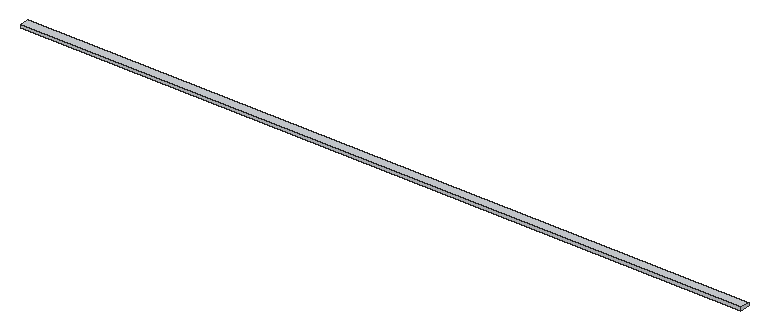
Revit family "Lighting-Strip-Acclaim-Flex Eco Exterior", category Lighting Fixtures, host Face, Revit 2015
Parameters
  Width = 0.60156"
  Wattage = 9.2903 W
  built-in parameter 1150110 = 1 (stored number, unit not read)
  Voltage = 0 V
  URL = "http://www.acclaimlighting.com/"
  built-in parameter 1114217 = 1 (stored number, unit not read)
  Tilt Angle = -90.00°
  built-in parameter 1150109 = 1 (stored number, unit not read)
  built-in parameter 1150134 = 3
  built-in parameter 1150113 = 1 (stored number, unit not read)
  Power Factor = 1
  Photometric Web File = "generic"
  Number of Poles = 1
  built-in parameter 1150142 = (empty or 0)
  Model = "Flex Eco Exterior"
  Manufacturer = "Acclaim Lighting"
  built-in parameter 1150105 = 109.82 (stored number, unit not read)
  Lumens = 1380 lm
  built-in parameter 1150115 = 1 (stored number, unit not read)
  built-in parameter 1150137 = (empty or 0)
  built-in parameter 1150139 = (empty or 0)
  Length [instance] = 48.0"
  built-in parameter 1150112 = 1 (stored number, unit not read)
  built-in parameter 1150114 = 1 (stored number, unit not read)
  Lamp = "LED"
  built-in parameter 1150132 = (empty or 0)
  built-in parameter 1150102 = (empty or 0)
  built-in parameter 1150107 = 3200 (stored number, unit not read)
  built-in parameter 1150138 = (empty or 0)
  built-in parameter 1150106 = 1.0982 (stored number, unit not read)
  Housing Finish = Aluminum
  Height = 0.2"
  Emit from Line Length = 48.0"
  built-in parameter 1150104 = 13.8 (stored number, unit not read)
  Dimming Lamp Color Temperature Shift = <None>
  Description = "LED Strip"
  Default Elevation = 48.0"
  Color Filter = 16777215
  built-in parameter 1114218 = 1 (stored number, unit not read)
  built-in parameter 1150133 = 10 (stored number, unit not read)
  Apparent Load = 0 VA
Reference planes (in)
  plane 1 "Center (Front/Back)": y = 0
  plane 2: z = 0
  plane 3 "Center (Left/Right)": x = 0
  plane 4: x = -24
  plane 5: x = 24
  plane 6: y = 0.30078
  plane 7: z = 6.9048
  plane 8: y = -0.30078
  plane 9: z = 0.2
Forms (in)
  Extrusion 1, solid
    sketch origin (0, 0, 0) x (1, 0, 0) y (0, 1, 0)
      loop
        line (-24, 0.30078) -> (-24, -0.30078) -> (24, -0.30078) -> (24, 0.30078) -> (-24, 0.30078)
    from 0 to 0.2
Dimensions and locks (in)
  equal spacing: plane 4, plane 3 "Center (Left/Right)", plane 5
  equal spacing: plane 5, plane 3 "Center (Left/Right)", plane 4
  plane 5 to plane 4 = 48.0"
  "Length": plane 4 to plane 5
  equal spacing: plane 8, plane 1 "Center (Front/Back)", plane 6
  "Width": plane 8 to plane 6
  Extrusion 1 to Extrusion 1 = 0.60156"
  "Height": plane 9 to host face
  aligned and locked: plane 2 to host face
  aligned and locked: level to host face
  aligned and locked: Extrusion 1 sketch curve to plane 5
  aligned and locked: plane 4 to Extrusion 1 sketch curve
  aligned and locked: plane 6 to Extrusion 1 sketch curve
  aligned and locked: plane 8 to Extrusion 1 sketch curve
  aligned and locked: plane 1 "Center (Front/Back)" to imposter light
  aligned and locked: plane 9 to Extrusion 1
  aligned and locked: imposter light to Extrusion 1
Automatic sketch dimensions
  host sketch curve to host sketch curve = 96.0"  (x2)
